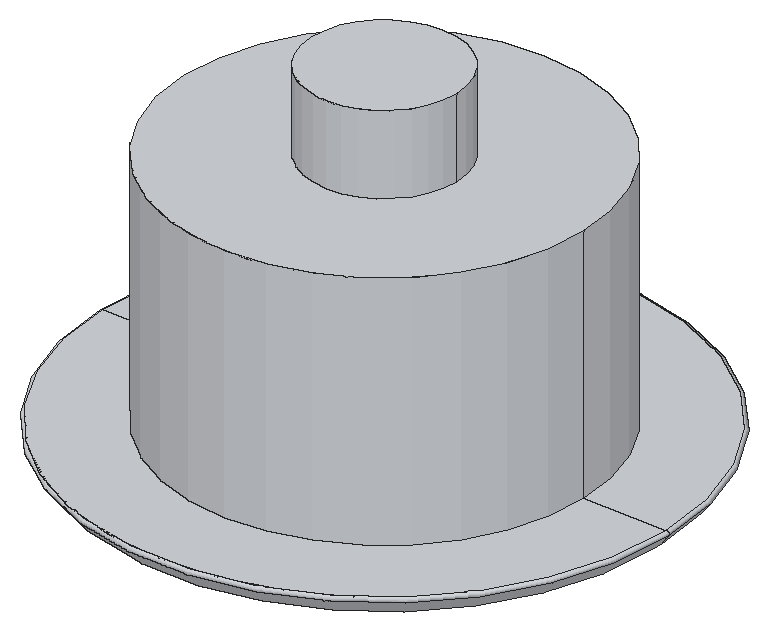
Revit family
Parameters (values of type "RASCO G556 CONCEALED")
  Temperature Rating = 165 °F
  Response = 1
  RASCO SIN # = "RA3415"
  RASCO Part # = "1916173299 & 6887011308"
  Pressure Rating = "175 PSI"
  Pressure Class = (empty or 0)
  Orifice Size = 1/2"
  Orifice = (empty or 0)
  Model = "G556 Concealed Pendent"
  Manufacturer = "RASCO"
  K-Factor = 5.6
  Diameter = 5 5/128"
  Description = "WHITE FINISH"
  Coverage = (empty or 0)
Reference planes (in)
  plane 1 "Center (Front/Back)": y = 0
  plane 2: z = 0
  plane 3 "Center (Left/Right)": x = 0
Nested families (in)
  nested 1: "RASCO- G556" at (0, 0, 0), type "RASCO G5 CONCEALED"
Connectors (in)
  piping at (0, 0, 2.026), driven by "Orifice Size"
    settings: on nested 1, index 1, connector radius 1/2", flow factor 0, pipe flow 0 GPM, pressure drop 0.00 psi, fitting loss kfactor 0, connector angle 0.00°, fixture units 0, flow configuration 0, flow direction 0, fitting loss method 0, system type 7, connector reference index -1, connector utility 0, adjustable connector no, is connector primary yes, fitting loss table "", connector description ""
Definition of nested family "RASCO- G556"
  Parameters (values of type "RASCO G5 CONCEALED")
    Type Comments = ""
    Temperature Rating = 0 °F
    Response = (empty or 0)
    Pressure Rating = "0"
    Pressure Class = (empty or 0)
    Orifice Size = 0"
    Orifice = (empty or 0)
    Model = ""
    Manufacturer = ""
    K-Factor = 0
    Coverage = (empty or 0)
    Assembly Code = ""
  Reference planes (in)
    plane 1 "Center (Front/Back)": y = 0
    plane 2: z = 0
    plane 3 "Center (Left/Right)": x = 0
    plane 4 "ref.2": z = 0.181
    plane 5 "ref.3": z = 2.151
  Forms (in)
    Extrusion 1, solid
      sketch origin (0, 0, 0.181) x (-1, 0, 0) y (0, -1, 0)
        loop
          circle (0, 0) r 1.156
      from 0 to 1.388
    Extrusion 2, solid
      sketch origin (0, 0, 1.26779) x (-1, 0, 0) y (0, -1, 0)
        loop
          circle (0, 0) r 0.42
      from 0.30121 to 0.75821
    Revolve 3, solid
      sketch origin (0, 0, 0) x (1, 0, 0) y (0, 0, 1)
        loop
          line (0, 0.181) -> (-1.6354, 0.181)
          arc (-1.6354, 0.181) -> (-1.64866, 0.17328) -> (-1.64851, 0.15794) r 0.01525
          arc (-1.64851, 0.15794) -> (-1.53047, 0.04225) -> (-1.37067, 0) r 0.32334
          line (-1.37067, 0) -> (0, 0) -> (0, 0.181)
        axis (0, 0.181) -> (0, 0)
      angle from 0 to 360
